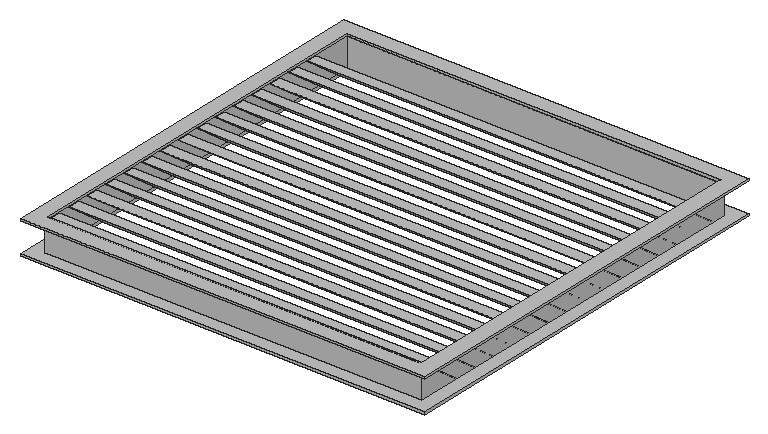
Revit family "Louver-Flanged_Frame-Carnes-Rectangular-Drainable_Blade-FTAB", category Air Terminals, host Face, Revit 2012
Parameters (values of type "(See Type Catalog)")
  ecoScorecard_data = ""
  ecoScorecard Product Page = "http://ecoscorecard.com/"
  URL = "http://www.carnes.com/index.html"
  Symbol Blades Quantity [instance] = Louver Width / 2.000"  # 12
  Subcategory = "Louvers and Dampers"
  Specifications  URL = "http://www.carnes.com/Louvers/pdf/17124.pdf"
  Product Page URL = "http://www.carnes.com/Louvers/FPAB-FTAB.htm"
  Product Line = "Extruded Aluminum Drainable Blade Louvers"
  Pressure Drop = 0.00 Pa
  Point of Water Penetration = 805 FPM
  Outside Width = Louver Width + (1.000" * 2)  # 26.000"
  Outside Height = Louver Height + (1.000" * 2)  # 26.000"
  Model = "FTAB"
  Minimum Size = "12\"W x 12\"H"
  Meets Building Code Standards = "Licensed to bear the AMCA seal"
  Maximum Vertical Size = "84\"W x 120\"H"
  Maximum Size Note = "Drainable blade louvers should be limited to 10’ maximum section widths (no more than 10’ between vertical downspouts) to enable the drainable design to function effectively."
  Maximum Horinzontal Size = "120\"W x 84\"H"
  Manufacturer = "Carnes Company"
  Free Area Note = "See Spec Sheet URL"
  Free Area = 0.00 SF
  Description = "Extruded Aluminum Drainable Blade Louvers"
  Connector Description 1 = "Duct Connetor"
  Blades Quantity [instance] = (Louver Height - (Blade Offset from Frame - 1.000")) / 1.470"  # 15
  Manufacturer Phone = "608-845-6411"
  Manufacturer Fax = "608-845-6470"
  Manufacturer Email = "mailto:carnes@carnes.com"
  Manufacturer Address = "448 S. Main St., P. O. Box 930040, Verona, WI 53593-0040"
  Louver Width = 24.000"
  Louver Length = 2.16016"
  Louver Height = 24.000"
  Blades Length [instance] = Louver Length - 0.250"  # 1.91016"
  Frame Material = Aluminum - Carnes - Extruded
  Default Elevation = 48.000"
  Cost Info = "mailto:carnes@carnes.com"
  Catalog URL = "http://www.carnes.com/Louvers/pdf/f22-23.pdf"
  Blades Width [instance] = Louver Width  # 24.000"
  Blade Offset from Frame [instance] = 3.000"
  Blade Material = Aluminum - Carnes - Extruded
  Assembly Code = "D3090700"
  Airflow = 0 CFM
  95 CSI = "10200"
  04 CSI = "08 91 00"
Reference planes (in)
  plane 1 "Center (Elevation)": y = 0
  plane 2: z = 0
  plane 3 "Center (Left/Right)": x = 0
  plane 4: z = -2.16016
  plane 5: z = -0.125
  plane 6: z = -2.03516
  plane 7: z = -1.08008
  plane 8: x = -12
  plane 9: x = 12
  plane 10: x = -13
  plane 11: x = 13
  plane 12: y = 12
  plane 13: y = -12
  plane 14: y = 13
  plane 15: y = -13
  plane 16 "Blade CL": y = 10
Forms (in)
  Extrusion 1, solid, material "Aluminum - Carnes - Extruded" <- "Frame Material"
    sketch origin (0, 0, 0) x (1, 0, 0) y (0, 1, 0)
      loop
        line (-13, 13) -> (-13, -13) -> (13, -13) -> (13, 13) -> (-13, 13)
      loop
        line (-12, 12) -> (-12, -12) -> (12, -12) -> (12, 12) -> (-12, 12)
    from -0.125 to 0
  Extrusion 2, solid, material "Aluminum - Carnes - Extruded" <- "Frame Material"
    sketch origin (0, 0, 0) x (1, 0, 0) y (0, 1, 0)
      loop
        line (-13, 13) -> (-13, -13) -> (13, -13) -> (13, 13) -> (-13, 13)
      loop
        line (-12, 12) -> (-12, -12) -> (12, -12) -> (12, 12) -> (-12, 12)
    from -2.16016 to -2.03516
  Extrusion 3, solid, material "Aluminum - Carnes - Extruded" <- "Frame Material"
    sketch origin (0, 0, 0) x (1, 0, 0) y (0, 1, 0)
      loop
        line (-12, 12) -> (-12, -12) -> (12, -12) -> (12, 12) -> (-12, 12)
      loop
        line (-12.125, 12.125) -> (-12.125, -12.125) -> (12.125, -12.125) -> (12.125, 12.125) -> (-12.125, 12.125)
    from -2.03516 to -0.125
Lines and regions (in)
  Masking region 1, detail levels medium+fine
    outline origin (0, 0, 0) x (1, 0, 0) y (0, 0, 1)
      loop
        line (13, 0) -> (-13, 0) -> (-13, -2.16016) -> (13, -2.16016) -> (13, 0)
  Masking region 2, detail levels medium+fine
    outline origin (0, 0, 0) x (1, 0, 0) y (0, 0, 1)
      loop
        line (13, 0) -> (12, 0) -> (12, -0.125) -> (12.875, -0.125) -> (12.875, -2.03516) -> (12, -2.03516) -> (12, -2.16016) -> (13, -2.16016) -> (13, 0)
      loop
        line (-13, 0) -> (-13, -2.16016) -> (-12, -2.16016) -> (-12, -2.03516) -> (-12.875, -2.03516) -> (-12.875, -0.125) -> (-12, -0.125) -> (-12, 0) -> (-13, 0)
  symbolic lines, detail levels fine
    curve 1: line (12, 0, -0.125) -> (-12, 0, -0.125)
    curve 2: line (12, 0, -2.03516) -> (-12, 0, -2.03516)
  symbolic lines
    curve 3: line (10.568, 0, -0.1875) -> (11.09755, 0, -1.08008)
    curve 4: line (11.62711, 0, -1.97266) -> (12, 0, -1.97266)
    curve 5: line (10.19511, 0, -0.1875) -> (10.568, 0, -0.1875)
    curve 6: line (11.09755, 0, -1.08008) -> (11.62711, 0, -1.97266)
    curve 7: line (8.568, 0, -0.1875) -> (9.09755, 0, -1.08008)
    curve 8: line (9.62711, 0, -1.97266) -> (10, 0, -1.97266)
    curve 9: line (8.19511, 0, -0.1875) -> (8.568, 0, -0.1875)
    curve 10: line (9.09755, 0, -1.08008) -> (9.62711, 0, -1.97266)
    curve 11: line (6.568, 0, -0.1875) -> (7.09755, 0, -1.08008)
    curve 12: line (7.62711, 0, -1.97266) -> (8, 0, -1.97266)
    curve 13: line (6.19511, 0, -0.1875) -> (6.568, 0, -0.1875)
    curve 14: line (7.09755, 0, -1.08008) -> (7.62711, 0, -1.97266)
    curve 15: line (4.568, 0, -0.1875) -> (5.09755, 0, -1.08008)
    curve 16: line (5.62711, 0, -1.97266) -> (6, 0, -1.97266)
    curve 17: line (4.19511, 0, -0.1875) -> (4.568, 0, -0.1875)
    curve 18: line (5.09755, 0, -1.08008) -> (5.62711, 0, -1.97266)
    curve 19: line (2.568, 0, -0.1875) -> (3.09755, 0, -1.08008)
    curve 20: line (3.62711, 0, -1.97266) -> (4, 0, -1.97266)
    curve 21: line (2.19511, 0, -0.1875) -> (2.568, 0, -0.1875)
    curve 22: line (3.09755, 0, -1.08008) -> (3.62711, 0, -1.97266)
    curve 23: line (0.568, 0, -0.1875) -> (1.09755, 0, -1.08008)
    curve 24: line (1.62711, 0, -1.97266) -> (2, 0, -1.97266)
    curve 25: line (0.19511, 0, -0.1875) -> (0.568, 0, -0.1875)
    curve 26: line (1.09755, 0, -1.08008) -> (1.62711, 0, -1.97266)
    curve 27: line (-1.432, 0, -0.1875) -> (-0.90245, 0, -1.08008)
    curve 28: line (-0.37289, 0, -1.97266) -> (0, 0, -1.97266)
    curve 29: line (-1.80489, 0, -0.1875) -> (-1.432, 0, -0.1875)
    curve 30: line (-0.90245, 0, -1.08008) -> (-0.37289, 0, -1.97266)
    curve 31: line (-3.432, 0, -0.1875) -> (-2.90245, 0, -1.08008)
    curve 32: line (-2.37289, 0, -1.97266) -> (-2, 0, -1.97266)
    curve 33: line (-3.80489, 0, -0.1875) -> (-3.432, 0, -0.1875)
    curve 34: line (-2.90245, 0, -1.08008) -> (-2.37289, 0, -1.97266)
    curve 35: line (-5.432, 0, -0.1875) -> (-4.90245, 0, -1.08008)
    curve 36: line (-4.37289, 0, -1.97266) -> (-4, 0, -1.97266)
    curve 37: line (-5.80489, 0, -0.1875) -> (-5.432, 0, -0.1875)
    curve 38: line (-4.90245, 0, -1.08008) -> (-4.37289, 0, -1.97266)
    curve 39: line (-7.432, 0, -0.1875) -> (-6.90245, 0, -1.08008)
    curve 40: line (-6.37289, 0, -1.97266) -> (-6, 0, -1.97266)
    curve 41: line (-7.80489, 0, -0.1875) -> (-7.432, 0, -0.1875)
    curve 42: line (-6.90245, 0, -1.08008) -> (-6.37289, 0, -1.97266)
    curve 43: line (-9.432, 0, -0.1875) -> (-8.90245, 0, -1.08008)
    curve 44: line (-8.37289, 0, -1.97266) -> (-8, 0, -1.97266)
    curve 45: line (-9.80489, 0, -0.1875) -> (-9.432, 0, -0.1875)
    curve 46: line (-8.90245, 0, -1.08008) -> (-8.37289, 0, -1.97266)
    curve 47: line (-11.432, 0, -0.1875) -> (-10.90245, 0, -1.08008)
    curve 48: line (-10.37289, 0, -1.97266) -> (-10, 0, -1.97266)
    curve 49: line (-11.80489, 0, -0.1875) -> (-11.432, 0, -0.1875)
    curve 50: line (-10.90245, 0, -1.08008) -> (-10.37289, 0, -1.97266)
Dimensions and locks (in)
  equal spacing: plane 10, plane 3 "Center (Left/Right)", plane 11
  "Outside Width": plane 10 to plane 11
  equal spacing: plane 15, plane 1 "Center (Elevation)", plane 14
  "Outside Height": plane 15 to plane 14
  locked: plane 2 to plane 5 at 0.125
  locked: plane 6 to plane 4 at 0.125
  "Louver Length": plane 2 to plane 4
  equal spacing: plane 5, plane 7, plane 6
  "Blade Offset from Frame": plane 14 to plane 16 "Blade CL"
  locked: Masking region 2 sketch curve to plane 11 at 0.125
  locked: Extrusion 3 sketch curve to Extrusion 3 sketch curve at 0.125  (x4)
  locked: plane 15 to Extrusion 2 sketch curve at 1
  locked: Extrusion 2 sketch curve to plane 11 at 1
  locked: plane 10 to Extrusion 2 sketch curve at 1
  locked: plane 14 to Extrusion 2 sketch curve at 1
  equal spacing: group 1, group 2, group 3, group 4, group 5, group 6, group 7, group 8, group 9, group 10, group 11, group 12, group 13, group 14, group 15  (x2)
  equal spacing: group 15, group 14, group 13, group 12, group 11, group 10, group 9, group 8, group 7, group 6, group 5, group 4, group 3, group 2, group 1
  nested 2 to plane 16 "Blade CL" = 1.470"
  equal spacing: plane 8, plane 3 "Center (Left/Right)", plane 9
  "Louver Width": plane 8 to plane 9
  equal spacing: plane 13, plane 1 "Center (Elevation)", plane 12
  "Louver Height": plane 13 to plane 12
  locked: nested 1 to nested 2 at 1.47
  locked: curve 5 to plane 5 at 0.0625
  locked: plane 6 to curve 4 at 0.0625
  locked: curve 5 to plane 9 at 1.80489
  equal spacing: group 27, group 26, group 25, group 24, group 23, group 22, group 21, group 20, group 19, group 18, group 17, group 16
  equal spacing: group 16, group 17, group 18, group 19, group 20, group 21, group 22, group 23, group 24, group 25, group 26, group 27  (x2)
  locked: curve 6 to curve 10 at 2
  aligned and locked: plane 2 to host face
  aligned and locked: host face to level
  aligned and locked: plane 10 to Extrusion 1 sketch curve
  aligned and locked: Extrusion 1 sketch curve to plane 14
  aligned and locked: plane 15 to Extrusion 1 sketch curve
  aligned and locked: plane 11 to Extrusion 1 sketch curve
  aligned and locked: plane 8 to Extrusion 1 sketch curve
  aligned and locked: Extrusion 1 sketch curve to plane 12
  aligned and locked: plane 13 to Extrusion 1 sketch curve
  aligned and locked: plane 9 to Extrusion 1 sketch curve
  aligned and locked: Extrusion 1 to plane 5
  aligned and locked: plane 2 to Extrusion 1
  aligned and locked: Extrusion 2 sketch curve to Extrusion 1  (x3)
  aligned and locked: Extrusion 1 to Extrusion 2 sketch curve
  aligned and locked: plane 6 to Extrusion 2
  aligned and locked: Extrusion 2 to plane 4
  aligned and locked: plane 5 to Extrusion 3
  aligned and locked: Extrusion 3 to plane 6
  aligned and locked: plane 11 to Masking region 1 sketch curve
  aligned and locked: Masking region 1 sketch curve to plane 2
  aligned and locked: plane 4 to Masking region 1 sketch curve
  aligned and locked: plane 10 to Masking region 1 sketch curve
  aligned and locked: Masking region 2 sketch curve to plane 11
  aligned and locked: plane 4 to Masking region 2 sketch curve
  aligned and locked: curve 1 to plane 5
  aligned and locked: curve 2 to plane 6
  aligned and locked: plane 2 to Masking region 2 sketch curve
  aligned and locked: Masking region 2 sketch curve to plane 5
  aligned and locked: plane 9 to Masking region 2 sketch curve
  aligned and locked: Masking region 2 sketch curve to plane 9
  aligned and locked: Masking region 2 sketch curve to plane 6
  aligned and locked: Masking region 2 sketch curve to plane 4
  aligned and locked: plane 8 to Masking region 2 sketch curve
  aligned and locked: plane 6 to Masking region 2 sketch curve
  aligned and locked: plane 5 to Masking region 2 sketch curve
  aligned and locked: Masking region 2 sketch curve to plane 8
  aligned and locked: Masking region 2 sketch curve to plane 2
  aligned and locked: plane 10 to Masking region 2 sketch curve
  aligned and locked: plane 8 to curve 1
  aligned and locked: plane 8 to curve 2
  aligned and locked: plane 9 to curve 1
  aligned and locked: plane 9 to curve 2
  aligned and locked: plane 3 "Center (Left/Right)" to nested 1
  aligned and locked: plane 7 to nested 1
  aligned and locked: nested 1 to plane 16 "Blade CL"
  aligned and locked: Extrusion 3 sketch curve to plane 13
  aligned and locked: plane 9 to Extrusion 3 sketch curve
  aligned and locked: plane 8 to Extrusion 3 sketch curve
  aligned and locked: Extrusion 3 sketch curve to plane 12
  aligned and locked: plane 9 to curve 4
Automatic sketch dimensions
  host sketch curve to host sketch curve = 79.90147"
  host sketch curve to host sketch curve = 69.44931"
  plane 10 to Masking region 2 sketch curve = 0.125"
  curve 5 to curve 4 = 2.28854"
  curve 5 to curve 5 = 0.37289"
  curve 6 to curve 4 = 0.37289"
  curve 4 to curve 5 = 2.28854"
Nested families (in)
  nested 1: "Louver_Blade-Carnes-Short" at (0, 9.67745, -1.08008), type "Standard"
    with Width 24.000", Length 1.91016"
  nested 2: "Louver_Blade-Carnes-Short" at (0, 8.20745, -1.08008), type "Standard"
    with Width 24.000", Length 1.91016"
  nested 3: "Louver_Blade-Carnes-Short" at (0, 6.73745, -1.08008), type "Standard"
    with Width 24.000", Length 1.91016"
  nested 4: "Louver_Blade-Carnes-Short" at (0, 5.26745, -1.08008), type "Standard"
    with Width 24.000", Length 1.91016"
  nested 5: "Louver_Blade-Carnes-Short" at (0, 3.79745, -1.08008), type "Standard"
    with Width 24.000", Length 1.91016"
  nested 6: "Louver_Blade-Carnes-Short" at (0, 2.32745, -1.08008), type "Standard"
    with Width 24.000", Length 1.91016"
  nested 7: "Louver_Blade-Carnes-Short" at (0, 0.85745, -1.08008), type "Standard"
    with Width 24.000", Length 1.91016"
  nested 8: "Louver_Blade-Carnes-Short" at (0, -0.61255, -1.08008), type "Standard"
    with Width 24.000", Length 1.91016"
  nested 9: "Louver_Blade-Carnes-Short" at (0, -2.08255, -1.08008), type "Standard"
    with Width 24.000", Length 1.91016"
  nested 10: "Louver_Blade-Carnes-Short" at (0, -3.55255, -1.08008), type "Standard"
    with Width 24.000", Length 1.91016"
  nested 11: "Louver_Blade-Carnes-Short" at (0, -5.02255, -1.08008), type "Standard"
    with Width 24.000", Length 1.91016"
  nested 12: "Louver_Blade-Carnes-Short" at (0, -6.49255, -1.08008), type "Standard"
    with Width 24.000", Length 1.91016"
  nested 13: "Louver_Blade-Carnes-Short" at (0, -7.96255, -1.08008), type "Standard"
    with Width 24.000", Length 1.91016"
  nested 14: "Louver_Blade-Carnes-Short" at (0, -9.43255, -1.08008), type "Standard"
    with Width 24.000", Length 1.91016"
  nested 15: "Louver_Blade-Carnes-Short" at (0, -10.90255, -1.08008), type "Standard"
    with Width 24.000", Length 1.91016"
Connectors (in)
  hvac at (0, 0, -2.16016), driven by "Louver Height", driven by "Louver Width", driven by "Connector Description 1", driven by "Airflow", driven by "Pressure Drop"
    settings: on Extrusion 2, index 1, duct flow 0 CFM, flow factor 0, pres drop 0.00 Pa, loss coef 0, conn angle 0.00°, conn width 24", conn height 24", conn radius 12", duct sys type 29, conn prof type 1, flow config 0, flow direction 0, loss method 4, conn ref index -1, conn util no, is conn primary yes, conn desc "Duct Connetor"
Definition of nested family "Louver_Blade-Carnes-Short"
  Parameters (values of type "Standard")
    Width = 48.000"
    Depth = 2.53466"
    Blade Material = Aluminum - Carnes - Extruded
    Length = 1.910"
    Assembly Code = ""
  Reference planes (in)
    plane 1: z = 0
    plane 2 "Center (Left/Right)": x = 0
    plane 3: y = 1.58987
    plane 4: z = 0.955
    plane 5: z = -0.955
    plane 6: x = -24
    plane 7: x = 24
    plane 8: y = -0.94478
    plane 9: y = 0.32255
  Forms (in)
    Sweep 1, solid, material "Aluminum - Carnes - Extruded" <- "Blade Material"
      path origin (0, 0, 0) x (1, 0, 0) y (0, 1, 0)
        loop
          line (-24, 0) -> (24, 0)
      profile origin (0, 0, 0) x (0, 1, 0) y (0, 0, 1)
        loop
          line (-0.94478, 0.955) -> (1.58987, -0.955) -> (1.58987, -0.65812) -> (1.52737, -0.65812) -> (1.52737, -0.82902) -> (-0.75649, 0.892) -> (-0.21875, 0.892) -> (-0.21875, 0.955) -> (-0.94478, 0.955)
  Dimensions and locks (in)
    equal spacing: plane 5, plane 1, plane 4
    "Length": plane 5 to plane 4
    equal spacing: plane 6, plane 2 "Center (Left/Right)", plane 7
    "Width": plane 6 to plane 7
    equal spacing: plane 8, plane 9, plane 3
    "Depth": plane 8 to plane 3
    locked: plane 4 to Sweep 1 sketch curve at 0.063
    locked: Sweep 1 sketch curve to plane 3 at 0.0625
    locked: plane 5 to Sweep 1 sketch curve at 0.29688
    locked: plane 8 to Sweep 1 sketch curve at 0.72603
    locked: Sweep 1 sketch curve to Sweep 1 sketch curve at 0.063
    locked: plane 9 to Sweep 1 sketch curve at 0.32255
    aligned and locked: plane 5 to Sweep 1 sketch curve
    aligned and locked: Sweep 1 sketch curve to plane 4
    aligned and locked: Sweep 1 sketch curve to plane 3
  Automatic sketch dimensions
    Sweep 1 sketch curve to plane 6 = 0.000"
    Sweep 1 sketch curve to plane 7 = 0.000"
    Sweep 1 sketch curve to Sweep 1 sketch curve = 0.12598"
